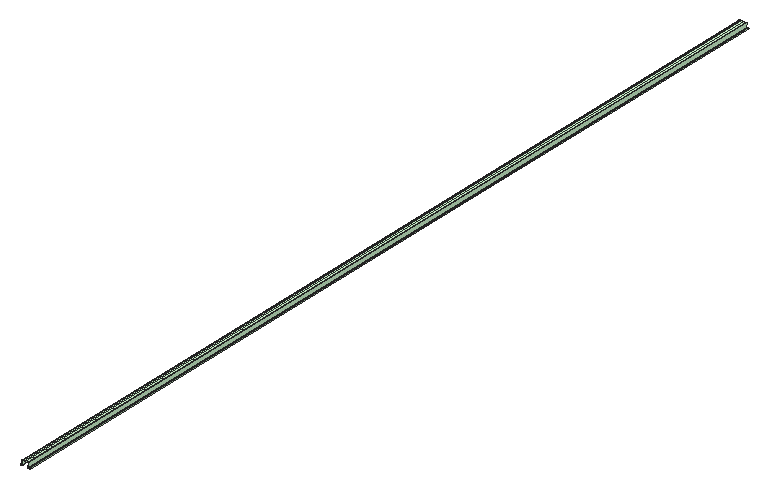
Revit family "nedako_king", category 機械設備, Revit 2022
Family settings
  丸型コネクタ寸法 = 直径を使用
  種別 = なし
  パーツ タイプ = 標準
  作業面ベース = いいえ
  常に垂直 = はい
  ロード時にボイドで切り取り = いいえ
  注釈の向きを維持 = いいえ
  共有 = いいえ
  部屋計算ポイント = いいえ
Parameters
  製造元 = "株式会社桐井製作所"
  既定の高さ = 0 mm
  URL = "https://www.kirii.co.jp/"
  K_表面処理 = "Z12以上"
  K_材質 = "溶融亜鉛めっき鋼板及び鋼帯及び鋼帯 JIS G 3302"
  K_名称 = "キング用根太鋼"
  K_単位質量(kg/m) = 8.478
  K_バージョン情報 = "20221219"
Reference planes
  plane 1 "中心(正面/背面)": y = 0
  plane 2: z = 0
  plane 3 "中心(左/右)": x = 0
Forms (mm)
  Extrusion 1, solid
    sketch origin (0, 0, 0) x (1, 0, 0) y (0, 0, 1)
      loop
        line (-5.235, 28.4) -> (0, 26.83) -> (5.235, 28.4) -> (16.8, 28.4)
        arc (16.8, 28.4) -> (17.908, 27.954) -> (18.399, 26.864) r 1.6
        line (18.399, 26.864) -> (16.1, 3.179)
        arc (16.1, 3.179) -> (17.045, 0.93) -> (19.3, 0) r 3.2
        line (19.3, 0) -> (28.3, 0)
        arc (28.3, 0) -> (30.563, 0.937) -> (31.5, 3.2) r 3.2
        line (31.5, 3.2) -> (31.5, 5.1) -> (29.9, 5.1) -> (29.9, 3.2)
        arc (29.9, 3.2) -> (29.431, 2.069) -> (28.3, 1.6) r 1.6
        line (28.3, 1.6) -> (19.3, 1.6)
        arc (19.3, 1.6) -> (18.197, 2.041) -> (17.702, 3.121) r 1.6
        line (17.702, 3.121) -> (20, 26.8)
        arc (20, 26.8) -> (19.063, 29.063) -> (16.8, 30) r 3.2
        line (16.8, 30) -> (5, 30) -> (0, 28.5) -> (-5, 30) -> (-16.8, 30)
        arc (-16.8, 30) -> (-19.063, 29.063) -> (-20, 26.8) r 3.2
        line (-20, 26.8) -> (-17.702, 3.121)
        arc (-17.702, 3.121) -> (-18.197, 2.041) -> (-19.3, 1.6) r 1.6
        line (-19.3, 1.6) -> (-28.3, 1.6)
        arc (-28.3, 1.6) -> (-29.431, 2.069) -> (-29.9, 3.2) r 1.6
        line (-29.9, 3.2) -> (-29.9, 5.1) -> (-31.5, 5.1) -> (-31.5, 3.2)
        arc (-31.5, 3.2) -> (-30.563, 0.937) -> (-28.3, 0) r 3.2
        line (-28.3, 0) -> (-19.3, 0)
        arc (-19.3, 0) -> (-17.045, 0.93) -> (-16.1, 3.179) r 3.2
        line (-16.1, 3.179) -> (-18.399, 26.864)
        arc (-18.399, 26.864) -> (-17.908, 27.954) -> (-16.8, 28.4) r 1.6
        line (-16.8, 28.4) -> (-5.235, 28.4)
    from -2700 to 2700
Dimensions and locks
  aligned and locked: level to plane 2
